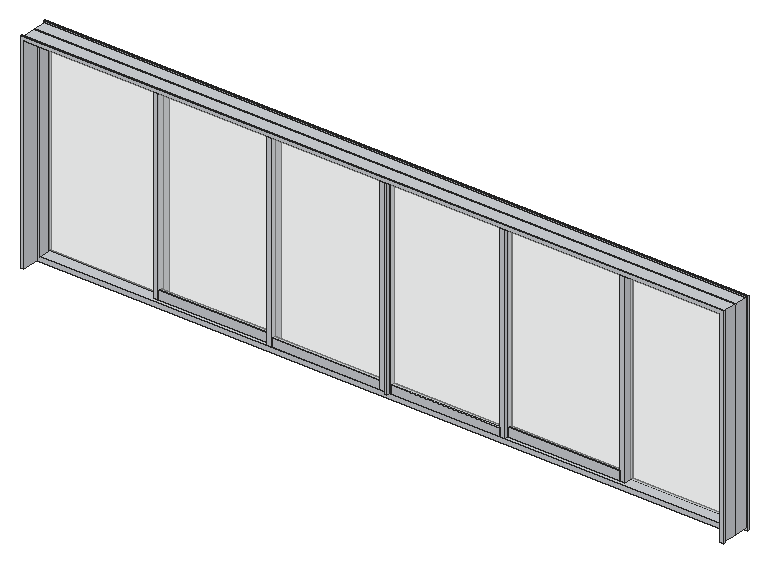
Revit family "APL Residential Thermal Heart Sliding Door FSSSSF", category Doors, host Wall, Revit 2017 (continued)
Definition of nested family "APL Residential Thermal Heart Sliding Door FSSSSF Horizontal Section"
  Definition of nested family "Glazing Bead"
    Lines and regions (mm)
      detail lines, in view "Ref. Level", not visible
        curve 27: arc (-0.25, -4.9, 0) -> (0, -5.15, 0) -> (-0.25, -5.4, 0) r 0.25
        curve 28: arc (-0.25, -8.45, 0) -> (0, -8.7, 0) -> (-0.25, -8.95, 0) r 0.25
        curve 29: arc (-0.25, -9.619, 0) -> (0, -9.869, 0) -> (-0.25, -10.119, 0) r 0.25
        curve 30: arc (-0.25, -10.787, 0) -> (0, -11.037, 0) -> (-0.25, -11.287, 0) r 0.25
        curve 31: line (-0.25, -12.456, 0) -> (-1, -12.456, 0)
        curve 32: line (-1, -12.456, 0) -> (-1, -8.45, 0)
        curve 33: line (-1, -8.45, 0) -> (-2.2, -8.45, 0)
        curve 34: line (-2.2, -8.45, 0) -> (-2.2, -9.2, 0)
        curve 35: line (-2.2, -9.2, 0) -> (-2.8, -9.2, 0)
        curve 36: line (-2.8, -9.2, 0) -> (-2.8, -6.1, 0)
        curve 37: line (-2.8, -6.1, 0) -> (-2.2, -6.1, 0)
        curve 38: line (-2.2, -6.1, 0) -> (-2.2, -6.85, 0)
        curve 39: line (-2.2, -6.85, 0) -> (-1, -6.85, 0)
        curve 40: line (-1, -6.85, 0) -> (-1, -4.9, 0)
        curve 41: line (-1, -4.9, 0) -> (-0.25, -4.9, 0)
        curve 42: line (-0.25, -5.4, 0) -> (-0.25, -8.45, 0)
        curve 43: line (-0.25, -8.95, 0) -> (-0.25, -9.619, 0)
        curve 44: line (-0.25, -10.119, 0) -> (-0.25, -10.787, 0)
        curve 45: line (-0.25, -11.287, 0) -> (-0.25, -11.956, 0)
        curve 46: arc (-0.25, -11.956, 0) -> (0, -12.206, 0) -> (-0.25, -12.456, 0) r 0.25
        curve 47: arc (62.983, -3.041, 0) -> (62.673, -2.901, 0) -> (62.511, -3.2, 0) r 0.25
        curve 48: arc (62.537, -13.088, 0) -> (62.7, -13.387, 0) -> (63.01, -13.247, 0) r 0.25
        curve 49: line (62.511, -3.2, 0) -> (63.505, -7.068, 0)
        curve 50: line (63.505, -7.068, 0) -> (62.502, -7.647, 0)
        curve 51: line (62.502, -7.647, 0) -> (62.502, -8.647, 0)
        curve 52: line (62.502, -8.647, 0) -> (63.527, -9.239, 0)
        curve 53: line (63.527, -9.239, 0) -> (62.537, -13.088, 0)
        curve 54: line (63.01, -13.247, 0) -> (64.734, -9.147, 0)
        curve 55: line (64.734, -9.147, 0) -> (66.002, -9.147, 0)
        curve 56: line (66.002, -9.147, 0) -> (66.002, -10.397, 0)
        curve 57: line (66.002, -10.397, 0) -> (67.002, -10.397, 0)
        curve 58: line (67.002, -10.397, 0) -> (67.002, -5.897, 0)
        curve 59: line (67.002, -5.897, 0) -> (66.002, -5.897, 0)
        curve 60: line (66.002, -5.897, 0) -> (66.002, -7.147, 0)
        curve 61: line (66.002, -7.147, 0) -> (64.71, -7.147, 0)
        curve 62: line (64.71, -7.147, 0) -> (62.983, -3.041, 0)
    Dimensions and locks
      "Glass Lenght": plane 1 "Center (Front/Back)" to plane 4
      aligned and locked: plane 4 to curve 2
      aligned and locked: plane 1 "Center (Front/Back)" to Filled region 1 sketch curve
      aligned and locked: Filled region 1 sketch curve to curve 6
      aligned and locked: Filled region 1 sketch curve to curve 1
      aligned and locked: Filled region 1 sketch curve to curve 5
    Automatic sketch dimensions
      plane 1 "Center (Front/Back)" to curve 2 = 0 mm
      curve 2 to plane 3 "Center (Left/Right)" = 0 mm
      curve 6 to plane 4 = 0 mm
      curve 5 to plane 4 = 0 mm
      curve 4 to plane 4 = 0 mm
      curve 5 to curve 3 = 4 mm
      plane 3 "Center (Left/Right)" to curve 1 = 4 mm
      curve 6 to curve 5 = 16 mm
      plane 1 "Center (Front/Back)" to curve 1 = 12 mm
    Nested families
      nested 1: "65015_Bead" at (-15.5, 6.328, 0), type "65015_Bead", in view "Ref. Level"
    Definition of nested family "65015_Bead"
      Reference planes
        plane 1 "Center (Front/Back)": y = 0
        plane 2: z = 0
        plane 3 "Center (Left/Right)": x = 0
      Lines and regions (mm)
        model lines, in view "Ref. Level"
          curve 1: arc (13.5, 12.78, 0) -> (13.558, 12.92, 0) -> (13.698, 12.978, 0) r 0.198
          curve 2: arc (14.302, 12.978, 0) -> (14.442, 12.918, 0) -> (14.5, 12.777, 0) r 0.201
          curve 3: arc (14.5, 10.175, 0) -> (14.442, 10.036, 0) -> (14.302, 9.978, 0) r 0.198
          curve 4: arc (13.698, 9.978, 0) -> (13.558, 10.036, 0) -> (13.5, 10.175, 0) r 0.198
          curve 5: arc (13.5, 11.027, 0) -> (13.442, 11.169, 0) -> (13.3, 11.228, 0) r 0.2
          curve 6: arc (12.7, 11.228, 0) -> (11.851, 11.579, 0) -> (11.5, 12.428, 0) r 1.2
          curve 7: arc (11.5, 13.628, 0) -> (11.377, 13.813, 0) -> (11.159, 13.769, 0) r 0.2
          curve 8: arc (1.546, 4.157, 0) -> (1.438, 3.995, 0) -> (1.4, 3.804, 0) r 0.5
          curve 9: arc (1.4, 1.817, 0) -> (1.467, 1.567, 0) -> (1.65, 1.384, 0) r 0.5
          curve 10: arc (10.675, -3.827, 0) -> (10.913, -4.714, 0) -> (10.025, -4.952, 0) r 0.65
          curve 11: arc (3.306, -1.073, 0) -> (2.928, -1.023, 0) -> (2.624, -1.254, 0) r 0.5
          curve 12: arc (2.587, -2.129, 0) -> (2.248, -2.45, 0) -> (1.791, -2.352, 0) r 0.5
          curve 13: arc (1.518, -2.123, 0) -> (1.466, -2.054, 0) -> (1.447, -1.97, 0) r 0.2
          curve 14: arc (1.447, -1.115, 0) -> (1.476, -1.011, 0) -> (1.555, -0.938, 0) r 0.2
          curve 15: arc (1.555, -0.938, 0) -> (1.717, -0.809, 0) -> (1.82, -0.63, 0) r 0.55
          curve 16: arc (1.82, -0.63, 0) -> (1.825, -0.452, 0) -> (1.729, -0.302, 0) r 0.3
          curve 17: arc (0.2, 0, 0) -> (0.059, 0.059, 0) -> (0, 0.2, 0) r 0.2
          curve 18: arc (0, 4.383, 0) -> (0.038, 4.575, 0) -> (0.146, 4.737, 0) r 0.5
          curve 19: arc (14.159, 18.749, 0) -> (14.377, 18.792, 0) -> (14.5, 18.608, 0) r 0.2
          curve 20: arc (14.5, 15.172, 0) -> (14.442, 15.034, 0) -> (14.303, 14.978, 0) r 0.194
          curve 21: arc (13.698, 14.978, 0) -> (13.559, 15.038, 0) -> (13.5, 15.177, 0) r 0.203
          curve 22: arc (13.5, 15.528, 0) -> (13.441, 15.669, 0) -> (13.3, 15.728, 0) r 0.201
          curve 23: arc (12.7, 15.728, 0) -> (12.559, 15.669, 0) -> (12.5, 15.528, 0) r 0.2
          curve 24: arc (12.5, 12.428, 0) -> (12.559, 12.286, 0) -> (12.7, 12.228, 0) r 0.2
          curve 25: line (13.5, 12.428, 0) -> (13.5, 12.78, 0)
          curve 26: line (13.698, 12.978, 0) -> (14.302, 12.978, 0)
          curve 27: line (14.5, 12.777, 0) -> (14.5, 10.175, 0)
          curve 28: line (14.302, 9.978, 0) -> (13.698, 9.978, 0)
          curve 29: line (13.5, 10.175, 0) -> (13.5, 11.027, 0)
          curve 30: line (13.3, 11.228, 0) -> (12.7, 11.228, 0)
          curve 31: line (11.5, 12.428, 0) -> (11.5, 13.628, 0)
          curve 32: line (11.159, 13.769, 0) -> (1.546, 4.157, 0)
          curve 33: line (1.4, 3.804, 0) -> (1.4, 1.817, 0)
          curve 34: line (1.65, 1.384, 0) -> (10.675, -3.827, 0)
          curve 35: line (10.025, -4.952, 0) -> (3.306, -1.073, 0)
          curve 36: line (2.597, -1.355, 0) -> (2.597, -2.065, 0)
          curve 37: line (1.791, -2.352, 0) -> (1.518, -2.123, 0)
          curve 38: line (1.518, -2.123, 0) -> (1.447, -1.115, 0)
          curve 39: line (1.729, -0.302, 0) -> (1.425, -0.047, 0)
          curve 40: line (1.425, -0.047, 0) -> (0.2, 0, 0)
          curve 41: line (0, 0.2, 0) -> (0, 4.383, 0)
          curve 42: line (0.146, 4.737, 0) -> (14.159, 18.749, 0)
          curve 43: line (14.5, 18.608, 0) -> (14.5, 15.172, 0)
          curve 44: line (14.303, 14.978, 0) -> (13.698, 14.978, 0)
          curve 45: line (13.5, 15.177, 0) -> (13.5, 15.528, 0)
          curve 46: line (13.3, 15.728, 0) -> (12.7, 15.728, 0)
          curve 47: line (12.5, 15.528, 0) -> (12.5, 12.428, 0)
          curve 48: line (12.7, 12.228, 0) -> (13.3, 12.228, 0)
          curve 49: arc (13.3, 12.228, 0) -> (13.441, 12.286, 0) -> (13.5, 12.428, 0) r 0.2
      Text (mm)
        text "65015" at (32.01, 10.207, 0), in view "Ref. Level"
  Definition of nested family "Heavy Duty Interlocker"
    Reference planes
      plane 1 "Center (Front/Back)": y = 0
      plane 2: z = 0
      plane 3 "Center (Left/Right)": x = 0
    Lines and regions (mm)
      detail lines, in view "Ref. Level", not visible
        curve 1: arc (33.161, -9.933, 0) -> (32.851, -9.793, 0) -> (32.689, -10.092, 0) r 0.25
        curve 2: arc (32.715, -19.98, 0) -> (32.877, -20.279, 0) -> (33.188, -20.139, 0) r 0.25
        curve 3: line (32.689, -10.092, 0) -> (33.683, -13.959, 0)
        curve 4: line (33.683, -13.959, 0) -> (32.679, -14.539, 0)
        curve 5: line (32.679, -14.539, 0) -> (32.679, -15.539, 0)
        curve 6: line (32.679, -15.539, 0) -> (33.705, -16.131, 0)
        curve 7: line (33.705, -16.131, 0) -> (32.715, -19.98, 0)
        curve 8: line (33.188, -20.139, 0) -> (34.912, -16.039, 0)
        curve 9: line (34.912, -16.039, 0) -> (36.179, -16.039, 0)
        curve 10: line (36.179, -16.039, 0) -> (36.179, -17.289, 0)
        curve 11: line (36.179, -17.289, 0) -> (37.179, -17.289, 0)
        curve 12: line (37.179, -17.289, 0) -> (37.179, -12.789, 0)
        curve 13: line (37.179, -12.789, 0) -> (36.179, -12.789, 0)
        curve 14: line (36.179, -12.789, 0) -> (36.179, -14.039, 0)
        curve 15: line (36.179, -14.039, 0) -> (34.887, -14.039, 0)
        curve 16: line (34.887, -14.039, 0) -> (33.161, -9.933, 0)
        curve 33: arc (33.161, -9.933, 0) -> (32.851, -9.793, 0) -> (32.689, -10.092, 0) r 0.25
        curve 34: arc (32.715, -19.98, 0) -> (32.877, -20.279, 0) -> (33.188, -20.139, 0) r 0.25
        curve 35: line (32.689, -10.092, 0) -> (33.683, -13.959, 0)
        curve 36: line (33.683, -13.959, 0) -> (32.679, -14.539, 0)
        curve 37: line (32.679, -14.539, 0) -> (32.679, -15.539, 0)
        curve 38: line (32.679, -15.539, 0) -> (33.705, -16.131, 0)
        curve 39: line (33.705, -16.131, 0) -> (32.715, -19.98, 0)
        curve 40: line (33.188, -20.139, 0) -> (34.912, -16.039, 0)
        curve 41: line (34.912, -16.039, 0) -> (36.179, -16.039, 0)
        curve 42: line (36.179, -16.039, 0) -> (36.179, -17.289, 0)
        curve 43: line (36.179, -17.289, 0) -> (37.179, -17.289, 0)
        curve 44: line (37.179, -17.289, 0) -> (37.179, -12.789, 0)
        curve 45: line (37.179, -12.789, 0) -> (36.179, -12.789, 0)
        curve 46: line (36.179, -12.789, 0) -> (36.179, -14.039, 0)
        curve 47: line (36.179, -14.039, 0) -> (34.887, -14.039, 0)
        curve 48: line (34.887, -14.039, 0) -> (33.161, -9.933, 0)
      detail lines, in view "Ref. Level"
        curve 17: arc (-27.911, -29.665, 0) -> (-28.051, -29.975, 0) -> (-27.752, -30.138, 0) r 0.25
        curve 18: arc (-17.864, -30.111, 0) -> (-17.565, -29.949, 0) -> (-17.705, -29.639, 0) r 0.25
        curve 19: line (-27.752, -30.138, 0) -> (-23.885, -29.144, 0)
        curve 20: line (-23.885, -29.144, 0) -> (-23.305, -30.147, 0)
        curve 21: line (-23.305, -30.147, 0) -> (-22.305, -30.147, 0)
        curve 22: line (-22.305, -30.147, 0) -> (-21.714, -29.122, 0)
        curve 23: line (-21.714, -29.122, 0) -> (-17.864, -30.111, 0)
        curve 24: line (-17.705, -29.639, 0) -> (-21.805, -27.915, 0)
        curve 25: line (-21.805, -27.915, 0) -> (-21.805, -26.647, 0)
        curve 26: line (-21.805, -26.647, 0) -> (-20.555, -26.647, 0)
        curve 27: line (-20.555, -26.647, 0) -> (-20.555, -25.647, 0)
        curve 28: line (-20.555, -25.647, 0) -> (-25.055, -25.647, 0)
        curve 29: line (-25.055, -25.647, 0) -> (-25.055, -26.647, 0)
        curve 30: line (-25.055, -26.647, 0) -> (-23.805, -26.647, 0)
        curve 31: line (-23.805, -26.647, 0) -> (-23.805, -27.939, 0)
        curve 32: line (-23.805, -27.939, 0) -> (-27.911, -29.665, 0)
    Nested families
      nested 1: "65500_Interlocker Stile" at (-26.59, -6.05, 0) x (-1, 0, 0) z (0, 0, 1), type "65500_Interlocker Stile", in view "Ref. Level"
      nested 2: "65430_Interlocker Mullion" at (25.41, 0.05, 0), type "65430_Interlocker Mullion", in view "Ref. Level"
    Definition of nested family "65500_Interlocker Stile"
      Reference planes
        plane 1 "Center (Front/Back)": y = 0
        plane 2: z = 0
        plane 3 "Center (Left/Right)": x = 0
      Lines and regions (mm)
        model lines, in view "Ref. Level"
          curve 1: arc (-13.564, 1.218, 0) -> (-13.278, 1.262, 0) -> (-13.162, 1.526, 0) r 0.3
          curve 2: arc (-13.369, 3.892, 0) -> (-13.396, 3.992, 0) -> (-13.456, 4.078, 0) r 0.3
          curve 3: arc (-13.819, 4.441, 0) -> (-14.013, 4.493, 0) -> (-14.154, 4.352, 0) r 0.2
          curve 4: arc (-14.199, 4.184, 0) -> (-14.251, 4.095, 0) -> (-14.34, 4.043, 0) r 0.2
          curve 5: arc (-16.561, 3.5, 0) -> (-16.841, 3.693, 0) -> (-16.761, 4.024, 0) r 0.3
          curve 6: arc (-16.761, 4.024, 0) -> (-16.687, 4.125, 0) -> (-16.661, 4.247, 0) r 0.3
          curve 7: arc (-16.855, 8.25, 0) -> (-16.819, 8.422, 0) -> (-16.661, 8.5, 0) r 0.2
          curve 8: arc (-16.14, 8.5, 0) -> (-16.059, 8.489, 0) -> (-15.983, 8.456, 0) r 0.3
          curve 9: arc (-14.73, 7.691, 0) -> (-14.733, 7.521, 0) -> (-14.627, 7.389, 0) r 0.25
          curve 10: arc (-14.541, 7.337, 0) -> (-14.289, 7.332, 0) -> (-14.161, 7.549, 0) r 0.25
          curve 11: arc (-14.161, 7.8, 0) -> (-14.102, 7.941, 0) -> (-13.961, 8, 0) r 0.2
          curve 12: arc (-13.688, 8, 0) -> (-13.573, 8.036, 0) -> (-13.5, 8.132, 0) r 0.2
          curve 13: arc (-13.266, 8.775, 0) -> (-13.244, 8.859, 0) -> (-13.236, 8.946, 0) r 0.5
          curve 14: arc (-13.236, 9.9, 0) -> (-13.382, 10.254, 0) -> (-13.736, 10.4, 0) r 0.5
          curve 15: arc (-24.052, 10.4, 0) -> (-24.41, 10.544, 0) -> (-24.559, 10.9, 0) r 0.5
          curve 16: arc (-24.559, 14.446, 0) -> (-24.704, 14.802, 0) -> (-25.059, 14.95, 0) r 0.5
          curve 17: arc (-27.408, 14.95, 0) -> (-27.627, 14.823, 0) -> (-27.622, 14.57, 0) r 0.25
          curve 18: arc (-27.57, 14.484, 0) -> (-27.437, 14.378, 0) -> (-27.268, 14.381, 0) r 0.25
          curve 19: arc (-26.503, 13.127, 0) -> (-26.47, 13.052, 0) -> (-26.459, 12.971, 0) r 0.3
          curve 20: arc (-26.459, 12.45, 0) -> (-26.536, 12.292, 0) -> (-26.709, 12.256, 0) r 0.2
          curve 21: arc (-30.711, 12.45, 0) -> (-30.834, 12.424, 0) -> (-30.935, 12.35, 0) r 0.3
          curve 22: arc (-30.935, 12.35, 0) -> (-31.266, 12.27, 0) -> (-31.459, 12.55, 0) r 0.3
          curve 23: arc (-30.916, 14.771, 0) -> (-30.864, 14.86, 0) -> (-30.774, 14.912, 0) r 0.2
          curve 24: arc (-30.607, 14.957, 0) -> (-30.465, 15.098, 0) -> (-30.517, 15.291, 0) r 0.2
          curve 25: arc (-30.881, 15.655, 0) -> (-30.966, 15.715, 0) -> (-31.067, 15.742, 0) r 0.3
          curve 26: arc (-33.432, 15.949, 0) -> (-33.697, 15.833, 0) -> (-33.741, 15.547, 0) r 0.3
          curve 27: arc (-33.227, 14.137, 0) -> (-33.14, 14.011, 0) -> (-33.002, 13.945, 0) r 0.3
          curve 28: arc (-33.002, 13.945, 0) -> (-32.759, 13.672, 0) -> (-32.959, 13.367, 0) r 0.3
          curve 29: arc (-32.959, 12.624, 0) -> (-33.017, 12.482, 0) -> (-33.159, 12.424, 0) r 0.2
          curve 30: arc (-35.159, 12.424, 0) -> (-35.512, 12.277, 0) -> (-35.659, 11.924, 0) r 0.5
          curve 31: arc (-35.659, 10.05, 0) -> (-35.717, 9.908, 0) -> (-35.859, 9.85, 0) r 0.2
          curve 32: arc (-45.581, 9.85, 0) -> (-45.935, 9.996, 0) -> (-46.081, 10.349, 0) r 0.499
          curve 33: arc (-46.081, 10.75, 0) -> (-45.935, 11.104, 0) -> (-45.581, 11.25, 0) r 0.5
          curve 34: arc (-44.831, 11.25, 0) -> (-44.69, 11.309, 0) -> (-44.631, 11.45, 0) r 0.2
          curve 35: arc (-44.631, 12.05, 0) -> (-44.69, 12.191, 0) -> (-44.831, 12.25, 0) r 0.2
          curve 36: arc (-47.931, 12.25, 0) -> (-48.072, 12.191, 0) -> (-48.131, 12.05, 0) r 0.2
          curve 37: arc (-48.131, 11.45, 0) -> (-48.072, 11.309, 0) -> (-47.931, 11.25, 0) r 0.2
          curve 38: arc (-47.581, 11.25, 0) -> (-47.44, 11.191, 0) -> (-47.381, 11.05, 0) r 0.2
          curve 39: arc (-47.381, 10.45, 0) -> (-47.44, 10.309, 0) -> (-47.581, 10.25, 0) r 0.2
          curve 40: arc (-47.931, 10.25, 0) -> (-48.072, 10.191, 0) -> (-48.131, 10.05, 0) r 0.2
          curve 41: arc (-48.131, 9.749, 0) -> (-48.277, 9.395, 0) -> (-48.631, 9.249, 0) r 0.5
          curve 42: arc (-49.631, 9.249, 0) -> (-49.985, 9.395, 0) -> (-50.131, 9.749, 0) r 0.5
          curve 43: arc (-50.131, 10.05, 0) -> (-50.19, 10.191, 0) -> (-50.331, 10.25, 0) r 0.2
          curve 44: arc (-50.681, 10.25, 0) -> (-50.822, 10.309, 0) -> (-50.881, 10.45, 0) r 0.2
          curve 45: arc (-50.881, 11.05, 0) -> (-50.822, 11.191, 0) -> (-50.681, 11.25, 0) r 0.2
          curve 46: arc (-50.331, 11.25, 0) -> (-50.19, 11.309, 0) -> (-50.131, 11.45, 0) r 0.2
          curve 47: arc (-50.131, 12.05, 0) -> (-50.19, 12.191, 0) -> (-50.331, 12.25, 0) r 0.2
          curve 48: arc (-51.761, 12.25, 0) -> (-51.902, 12.191, 0) -> (-51.961, 12.05, 0) r 0.2
          curve 49: arc (-52.336, 8.799, 0) -> (-52.711, 8.424, 0) -> (-52.336, 8.049, 0) r 0.375
          curve 50: arc (-33.059, 8.05, 0) -> (-32.559, 8.55, 0) -> (-33.059, 9.05, 0) r 0.5
          curve 51: arc (-33.959, 9.05, 0) -> (-34.1, 9.109, 0) -> (-34.159, 9.25, 0) r 0.2
          curve 52: arc (-34.159, 10.35, 0) -> (-34.1, 10.491, 0) -> (-33.959, 10.55, 0) r 0.2
          curve 53: arc (-26.659, 10.55, 0) -> (-26.517, 10.491, 0) -> (-26.459, 10.35, 0) r 0.2
          curve 54: arc (-26.459, 9.25, 0) -> (-26.517, 9.109, 0) -> (-26.659, 9.05, 0) r 0.2
          curve 55: arc (-27.559, 9.05, 0) -> (-28.059, 8.55, 0) -> (-27.559, 8.05, 0) r 0.5
          curve 56: arc (-19.061, 8.05, 0) -> (-18.707, 7.904, 0) -> (-18.561, 7.55, 0) r 0.5
          curve 57: arc (-18.561, 2.6, 0) -> (-18.854, 1.893, 0) -> (-19.561, 1.6, 0) r 1
          curve 58: arc (-28.809, 1.6, 0) -> (-29.609, 0.8, 0) -> (-28.809, 0, 0) r 0.8
          curve 59: arc (-17.661, 0, 0) -> (-16.954, 0.293, 0) -> (-16.661, 1, 0) r 1
          curve 60: arc (-16.661, 1.8, 0) -> (-16.602, 1.941, 0) -> (-16.461, 2, 0) r 0.2
          curve 61: arc (-15.744, 2, 0) -> (-15.438, 2.199, 0) -> (-15.166, 1.957, 0) r 0.3
          curve 62: arc (-15.166, 1.957, 0) -> (-15.1, 1.819, 0) -> (-14.974, 1.732, 0) r 0.3
          curve 63: line (-13.162, 1.526, 0) -> (-13.369, 3.892, 0)
          curve 64: line (-13.456, 4.078, 0) -> (-13.819, 4.441, 0)
          curve 65: line (-14.154, 4.352, 0) -> (-14.199, 4.184, 0)
          curve 66: line (-14.199, 4.184, 0) -> (-16.329, 3.51, 0)
          curve 67: line (-16.329, 3.51, 0) -> (-16.561, 3.5, 0)
          curve 68: line (-16.661, 4.247, 0) -> (-16.661, 7.475, 0)
          curve 69: line (-16.661, 7.475, 0) -> (-16.855, 8.25, 0)
          curve 70: line (-16.661, 8.5, 0) -> (-16.14, 8.5, 0)
          curve 71: line (-16.14, 8.5, 0) -> (-14.73, 7.691, 0)
          curve 72: line (-14.161, 7.549, 0) -> (-14.161, 7.8, 0)
          curve 73: line (-13.961, 8, 0) -> (-13.688, 8, 0)
          curve 74: line (-13.5, 8.132, 0) -> (-13.266, 8.775, 0)
          curve 75: line (-13.236, 8.946, 0) -> (-13.236, 9.9, 0)
          curve 76: line (-13.736, 10.4, 0) -> (-24.052, 10.4, 0)
          curve 77: line (-24.559, 10.9, 0) -> (-24.559, 14.446, 0)
          curve 78: line (-25.059, 14.95, 0) -> (-27.408, 14.95, 0)
          curve 79: line (-27.268, 14.381, 0) -> (-26.503, 13.127, 0)
          curve 80: line (-26.503, 13.127, 0) -> (-26.459, 12.45, 0)
          curve 81: line (-26.709, 12.256, 0) -> (-27.459, 12.45, 0)
          curve 82: line (-27.434, 12.444, 0) -> (-30.711, 12.45, 0)
          curve 83: line (-31.459, 12.704, 0) -> (-30.916, 14.771, 0)
          curve 84: line (-30.916, 14.771, 0) -> (-30.607, 14.957, 0)
          curve 85: line (-30.517, 15.291, 0) -> (-30.881, 15.655, 0)
          curve 86: line (-31.067, 15.742, 0) -> (-33.432, 15.949, 0)
          curve 87: line (-33.741, 15.547, 0) -> (-33.227, 14.137, 0)
          curve 88: line (-32.959, 13.367, 0) -> (-32.959, 12.624, 0)
          curve 89: line (-33.159, 12.424, 0) -> (-35.159, 12.424, 0)
          curve 90: line (-35.659, 11.924, 0) -> (-35.659, 10.05, 0)
          curve 91: line (-35.859, 9.85, 0) -> (-45.581, 9.85, 0)
          curve 92: line (-46.081, 10.349, 0) -> (-46.081, 10.75, 0)
          curve 93: line (-45.581, 11.25, 0) -> (-44.831, 11.25, 0)
          curve 94: line (-44.631, 11.45, 0) -> (-44.631, 12.05, 0)
          curve 95: line (-44.831, 12.25, 0) -> (-47.931, 12.25, 0)
          curve 96: line (-48.131, 12.05, 0) -> (-48.131, 11.45, 0)
          curve 97: line (-47.931, 11.25, 0) -> (-47.581, 11.25, 0)
          curve 98: line (-47.381, 11.05, 0) -> (-47.381, 10.45, 0)
          curve 99: line (-47.581, 10.25, 0) -> (-47.931, 10.25, 0)
          curve 100: line (-48.131, 10.05, 0) -> (-48.131, 9.749, 0)
          curve 101: line (-48.631, 9.249, 0) -> (-49.631, 9.249, 0)
          curve 102: line (-50.131, 9.749, 0) -> (-50.131, 10.05, 0)
          curve 103: line (-50.331, 10.25, 0) -> (-50.681, 10.25, 0)
          curve 104: line (-50.881, 10.45, 0) -> (-50.881, 11.05, 0)
          curve 105: line (-50.681, 11.25, 0) -> (-50.331, 11.25, 0)
          curve 106: line (-50.131, 11.45, 0) -> (-50.131, 12.05, 0)
          curve 107: line (-50.331, 12.25, 0) -> (-51.761, 12.25, 0)
          curve 108: line (-51.961, 12.05, 0) -> (-51.961, 8.799, 0)
          curve 109: line (-51.961, 8.799, 0) -> (-52.336, 8.799, 0)
          curve 110: line (-52.336, 8.049, 0) -> (-33.059, 8.049, 0)
          curve 111: line (-33.059, 9.05, 0) -> (-33.959, 9.05, 0)
          curve 112: line (-34.159, 9.25, 0) -> (-34.159, 10.35, 0)
          curve 113: line (-33.959, 10.55, 0) -> (-26.659, 10.55, 0)
          curve 114: line (-26.459, 10.35, 0) -> (-26.459, 9.25, 0)
          curve 115: line (-26.659, 9.05, 0) -> (-27.559, 9.05, 0)
          curve 116: line (-27.559, 8.05, 0) -> (-19.061, 8.05, 0)
          curve 117: line (-18.561, 7.55, 0) -> (-18.561, 2.6, 0)
          curve 118: line (-19.561, 1.6, 0) -> (-28.809, 1.6, 0)
          curve 119: line (-28.809, 0, 0) -> (-17.661, 0, 0)
          curve 120: line (-16.661, 1, 0) -> (-16.661, 1.8, 0)
          curve 121: line (-16.461, 2, 0) -> (-15.744, 2, 0)
          curve 122: line (-14.974, 1.732, 0) -> (-13.564, 1.218, 0)
          curve 123: arc (-31.398, 41.7, 0) -> (-31.251, 42.054, 0) -> (-30.898, 42.2, 0) r 0.5
          curve 124: arc (-2.1, 42.2, 0) -> (-1.746, 42.054, 0) -> (-1.6, 41.7, 0) r 0.5
          curve 125: arc (-1.6, 10.9, 0) -> (-1.746, 10.546, 0) -> (-2.1, 10.4, 0) r 0.5
          curve 126: arc (-4.86, 10.4, 0) -> (-5.213, 10.254, 0) -> (-5.36, 9.9, 0) r 0.5
          curve 127: arc (-5.36, 9.042, 0) -> (-5.352, 8.955, 0) -> (-5.33, 8.871, 0) r 0.5
          curve 128: arc (-5.061, 8.132, 0) -> (-4.987, 8.036, 0) -> (-4.873, 8, 0) r 0.2
          curve 129: arc (-4.6, 8, 0) -> (-4.459, 7.941, 0) -> (-4.4, 7.8, 0) r 0.2
          curve 130: arc (-4.4, 7.55, 0) -> (-4.272, 7.332, 0) -> (-4.02, 7.337, 0) r 0.25
          curve 131: arc (-3.934, 7.389, 0) -> (-3.828, 7.521, 0) -> (-3.831, 7.691, 0) r 0.25
          curve 132: arc (-2.577, 8.456, 0) -> (-2.502, 8.489, 0) -> (-2.421, 8.5, 0) r 0.3
          curve 133: arc (-1.9, 8.5, 0) -> (-1.742, 8.422, 0) -> (-1.706, 8.25, 0) r 0.2
          curve 134: arc (-1.9, 4.247, 0) -> (-1.874, 4.125, 0) -> (-1.8, 4.024, 0) r 0.3
          curve 135: arc (-1.8, 4.024, 0) -> (-1.72, 3.693, 0) -> (-2, 3.5, 0) r 0.3
          curve 136: arc (-4.221, 4.043, 0) -> (-4.31, 4.095, 0) -> (-4.362, 4.184, 0) r 0.2
          curve 137: arc (-4.407, 4.352, 0) -> (-4.548, 4.493, 0) -> (-4.741, 4.441, 0) r 0.2
          curve 138: arc (-5.105, 4.078, 0) -> (-5.165, 3.992, 0) -> (-5.192, 3.892, 0) r 0.3
          curve 139: arc (-5.399, 1.526, 0) -> (-5.283, 1.262, 0) -> (-4.997, 1.218, 0) r 0.3
          curve 140: arc (-3.587, 1.732, 0) -> (-3.461, 1.819, 0) -> (-3.395, 1.957, 0) r 0.3
          curve 141: arc (-3.395, 1.957, 0) -> (-3.122, 2.199, 0) -> (-2.817, 2, 0) r 0.3
          curve 142: arc (-2.1, 2, 0) -> (-1.959, 1.941, 0) -> (-1.9, 1.8, 0) r 0.2
          curve 143: arc (-1.9, 1, 0) -> (-1.607, 0.293, 0) -> (-0.9, 0, 0) r 1
          curve 144: arc (-0.5, 0, 0) -> (-0.146, 0.146, 0) -> (0, 0.5, 0) r 0.5
          curve 145: arc (0, 43, 0) -> (-0.293, 43.707, 0) -> (-1, 44, 0) r 1
          curve 146: arc (-52.375, 44, 0) -> (-52.75, 43.625, 0) -> (-52.375, 43.25, 0) r 0.375
          curve 147: arc (-52, 42.15, 0) -> (-51.941, 42.009, 0) -> (-51.8, 41.95, 0) r 0.2
          curve 148: arc (-50.962, 40.688, 0) -> (-50.917, 40.558, 0) -> (-50.797, 40.488, 0) r 0.2
          curve 149: arc (-48.613, 40.25, 0) -> (-48.454, 40.328, 0) -> (-48.42, 40.502, 0) r 0.2
          curve 150: arc (-48.808, 41.948, 0) -> (-48.773, 42.122, 0) -> (-48.615, 42.2, 0) r 0.2
          curve 151: arc (-33.498, 42.2, 0) -> (-33.144, 42.054, 0) -> (-32.998, 41.7, 0) r 0.5
          curve 152: arc (-32.998, 35.05, 0) -> (-32.939, 34.909, 0) -> (-32.798, 34.85, 0) r 0.2
          curve 153: arc (-26.398, 34.85, 0) -> (-26.256, 34.792, 0) -> (-26.198, 34.65, 0) r 0.2
          curve 154: arc (-26.198, 29.353, 0) -> (-26.255, 29.21, 0) -> (-26.398, 29.15, 0) r 0.2
          curve 155: arc (-32.798, 29.15, 0) -> (-32.939, 29.091, 0) -> (-32.998, 28.95, 0) r 0.2
          curve 156: arc (-32.998, 26.333, 0) -> (-32.799, 26.028, 0) -> (-33.041, 25.755, 0) r 0.3
          curve 157: arc (-33.041, 25.755, 0) -> (-33.179, 25.689, 0) -> (-33.266, 25.563, 0) r 0.3
          curve 158: arc (-33.78, 24.153, 0) -> (-33.736, 23.867, 0) -> (-33.472, 23.751, 0) r 0.3
          curve 159: arc (-31.106, 23.958, 0) -> (-31.005, 23.985, 0) -> (-30.92, 24.045, 0) r 0.3
          curve 160: arc (-30.556, 24.409, 0) -> (-30.505, 24.602, 0) -> (-30.646, 24.743, 0) r 0.2
          curve 161: arc (-30.813, 24.788, 0) -> (-30.903, 24.84, 0) -> (-30.955, 24.929, 0) r 0.2
          curve 162: arc (-31.498, 27.15, 0) -> (-31.305, 27.43, 0) -> (-30.974, 27.35, 0) r 0.3
          curve 163: arc (-30.974, 27.35, 0) -> (-30.873, 27.276, 0) -> (-30.75, 27.25, 0) r 0.3
          curve 164: arc (-26.748, 27.444, 0) -> (-26.575, 27.408, 0) -> (-26.498, 27.25, 0) r 0.2
          curve 165: arc (-26.498, 26.729, 0) -> (-26.509, 26.648, 0) -> (-26.542, 26.573, 0) r 0.3
          curve 166: arc (-27.307, 25.319, 0) -> (-27.477, 25.322, 0) -> (-27.609, 25.216, 0) r 0.25
          curve 167: arc (-27.661, 25.13, 0) -> (-27.666, 24.878, 0) -> (-27.448, 24.75, 0) r 0.25
          curve 168: arc (-25.098, 24.75, 0) -> (-24.744, 24.896, 0) -> (-24.598, 25.25, 0) r 0.5
          curve 169: arc (-24.598, 36.25, 0) -> (-24.656, 36.391, 0) -> (-24.798, 36.45, 0) r 0.2
          curve 170: line (-31.398, 36.65, 0) -> (-31.398, 41.7, 0)
          curve 171: line (-30.898, 42.2, 0) -> (-2.1, 42.2, 0)
          curve 172: line (-1.6, 41.7, 0) -> (-1.6, 10.9, 0)
          curve 173: line (-2.1, 10.4, 0) -> (-4.86, 10.4, 0)
          curve 174: line (-5.36, 9.9, 0) -> (-5.36, 9.042, 0)
          curve 175: line (-5.33, 8.871, 0) -> (-5.061, 8.132, 0)
          curve 176: line (-4.873, 8, 0) -> (-4.6, 8, 0)
          curve 177: line (-4.4, 7.8, 0) -> (-4.4, 7.55, 0)
          curve 178: line (-3.831, 7.691, 0) -> (-2.577, 8.456, 0)
          curve 179: line (-2.577, 8.456, 0) -> (-1.9, 8.5, 0)
          curve 180: line (-1.706, 8.25, 0) -> (-1.894, 7.525, 0)
          curve 181: line (-1.894, 7.525, 0) -> (-1.9, 4.247, 0)
          curve 182: line (-2.154, 3.5, 0) -> (-4.221, 4.043, 0)
          curve 183: line (-4.221, 4.043, 0) -> (-4.407, 4.352, 0)
          curve 184: line (-4.741, 4.441, 0) -> (-5.105, 4.078, 0)
          curve 185: line (-5.192, 3.892, 0) -> (-5.399, 1.526, 0)
          curve 186: line (-4.997, 1.218, 0) -> (-3.587, 1.732, 0)
          curve 187: line (-2.817, 2, 0) -> (-2.1, 2, 0)
          curve 188: line (-1.9, 1.8, 0) -> (-1.9, 1, 0)
          curve 189: line (-0.9, 0, 0) -> (-0.5, 0, 0)
          curve 190: line (0, 0.5, 0) -> (0, 43, 0)
          curve 191: line (-1, 44, 0) -> (-52.375, 44, 0)
          curve 192: line (-52.375, 43.25, 0) -> (-52, 43.25, 0)
          curve 193: line (-52, 43.25, 0) -> (-52, 42.15, 0)
          curve 194: line (-51.8, 41.95, 0) -> (-50.962, 41.95, 0)
          curve 195: line (-50.962, 41.95, 0) -> (-50.962, 40.688, 0)
          curve 196: line (-50.797, 40.488, 0) -> (-49.444, 40.25, 0)
          curve 197: line (-49.444, 40.25, 0) -> (-48.613, 40.25, 0)
          curve 198: line (-48.42, 40.502, 0) -> (-48.808, 41.948, 0)
          curve 199: line (-48.615, 42.2, 0) -> (-33.498, 42.2, 0)
          curve 200: line (-32.998, 41.7, 0) -> (-32.998, 35.05, 0)
          curve 201: line (-32.798, 34.85, 0) -> (-26.398, 34.85, 0)
          curve 202: line (-26.198, 34.65, 0) -> (-26.198, 29.353, 0)
          curve 203: line (-26.398, 29.15, 0) -> (-32.798, 29.15, 0)
          curve 204: line (-32.998, 28.95, 0) -> (-32.998, 26.333, 0)
          curve 205: line (-33.266, 25.563, 0) -> (-33.78, 24.153, 0)
          curve 206: line (-33.472, 23.751, 0) -> (-31.106, 23.958, 0)
          curve 207: line (-30.92, 24.045, 0) -> (-30.556, 24.409, 0)
          curve 208: line (-30.646, 24.743, 0) -> (-30.813, 24.788, 0)
          curve 209: line (-30.813, 24.788, 0) -> (-31.487, 26.918, 0)
          curve 210: line (-31.487, 26.918, 0) -> (-31.498, 27.15, 0)
          curve 211: line (-30.75, 27.25, 0) -> (-27.523, 27.25, 0)
          curve 212: line (-27.523, 27.25, 0) -> (-26.748, 27.444, 0)
          curve 213: line (-26.498, 27.25, 0) -> (-26.498, 26.729, 0)
          curve 214: line (-26.498, 26.729, 0) -> (-27.307, 25.319, 0)
          curve 215: line (-27.448, 24.75, 0) -> (-25.098, 24.75, 0)
          curve 216: line (-24.598, 25.25, 0) -> (-24.598, 36.25, 0)
          curve 217: line (-24.798, 36.45, 0) -> (-31.197, 36.45, 0)
          curve 218: arc (-31.197, 36.45, 0) -> (-31.339, 36.508, 0) -> (-31.398, 36.65, 0) r 0.2
          curve 219: arc (-27.398, 12.45, 0) -> (-27.115, 12.567, 0) -> (-26.998, 12.85, 0) r 0.4
          curve 220: arc (-26.998, 13.143, 0) -> (-27.011, 13.246, 0) -> (-27.052, 13.343, 0) r 0.4
          curve 221: arc (-27.936, 14.871, 0) -> (-28.057, 15.161, 0) -> (-28.098, 15.472, 0) r 1.2
          curve 222: arc (-28.098, 16.395, 0) -> (-28.279, 16.968, 0) -> (-28.756, 17.334, 0) r 1
          curve 223: arc (-30.935, 18.127, 0) -> (-31.125, 18.274, 0) -> (-31.198, 18.503, 0) r 0.4
          curve 224: arc (-31.198, 21.197, 0) -> (-31.125, 21.426, 0) -> (-30.935, 21.573, 0) r 0.4
          curve 225: arc (-28.756, 22.366, 0) -> (-28.279, 22.732, 0) -> (-28.098, 23.305, 0) r 1
          curve 226: arc (-28.098, 24.228, 0) -> (-28.057, 24.539, 0) -> (-27.936, 24.829, 0) r 1.2
          curve 227: arc (-27.052, 26.357, 0) -> (-27.011, 26.454, 0) -> (-26.998, 26.557, 0) r 0.4
          curve 228: arc (-26.998, 26.85, 0) -> (-27.115, 27.133, 0) -> (-27.398, 27.25, 0) r 0.4
          curve 229: arc (-30.798, 27.25, 0) -> (-31.081, 27.133, 0) -> (-31.198, 26.85, 0) r 0.4
          curve 230: arc (-31.198, 26.557, 0) -> (-31.184, 26.454, 0) -> (-31.144, 26.357, 0) r 0.4
          curve 231: arc (-30.259, 24.829, 0) -> (-30.138, 24.535, 0) -> (-30.098, 24.22, 0) r 1.2
          curve 232: arc (-30.098, 24.22, 0) -> (-30.151, 24.045, 0) -> (-30.295, 23.934, 0) r 0.3
          curve 233: arc (-32.735, 23.046, 0) -> (-32.925, 22.899, 0) -> (-32.998, 22.67, 0) r 0.4
          curve 234: arc (-32.998, 17.03, 0) -> (-32.925, 16.801, 0) -> (-32.735, 16.654, 0) r 0.4
          curve 235: arc (-30.295, 15.766, 0) -> (-30.151, 15.655, 0) -> (-30.098, 15.48, 0) r 0.3
          curve 236: arc (-30.098, 15.48, 0) -> (-30.138, 15.165, 0) -> (-30.259, 14.871, 0) r 1.2
          curve 237: arc (-31.144, 13.343, 0) -> (-31.184, 13.246, 0) -> (-31.198, 13.143, 0) r 0.4
          curve 238: arc (-31.198, 12.85, 0) -> (-31.081, 12.567, 0) -> (-30.798, 12.45, 0) r 0.4
          curve 239: line (-26.998, 12.85, 0) -> (-26.998, 13.143, 0)
          curve 240: line (-27.052, 13.343, 0) -> (-27.936, 14.871, 0)
          curve 241: line (-28.098, 15.472, 0) -> (-28.098, 16.395, 0)
          curve 242: line (-28.756, 17.334, 0) -> (-30.935, 18.127, 0)
          curve 243: line (-31.198, 18.503, 0) -> (-31.198, 21.197, 0)
          curve 244: line (-30.935, 21.573, 0) -> (-28.756, 22.366, 0)
          curve 245: line (-28.098, 23.305, 0) -> (-28.098, 24.228, 0)
          curve 246: line (-27.936, 24.829, 0) -> (-27.052, 26.357, 0)
          curve 247: line (-26.998, 26.557, 0) -> (-26.998, 26.85, 0)
          curve 248: line (-27.398, 27.25, 0) -> (-30.798, 27.25, 0)
          curve 249: line (-31.198, 26.85, 0) -> (-31.198, 26.557, 0)
          curve 250: line (-31.144, 26.357, 0) -> (-30.259, 24.829, 0)
          curve 251: line (-30.295, 23.934, 0) -> (-32.735, 23.046, 0)
          curve 252: line (-32.998, 22.67, 0) -> (-32.998, 17.03, 0)
          curve 253: line (-32.735, 16.654, 0) -> (-30.295, 15.766, 0)
          curve 254: line (-30.259, 14.871, 0) -> (-31.144, 13.343, 0)
          curve 255: line (-31.198, 13.143, 0) -> (-31.198, 12.85, 0)
          curve 256: line (-30.798, 12.45, 0) -> (-27.398, 12.45, 0)
          curve 257: arc (-16.7, 4.122, 0) -> (-16.583, 3.839, 0) -> (-16.3, 3.722, 0) r 0.4
          curve 258: arc (-16.007, 3.722, 0) -> (-15.904, 3.736, 0) -> (-15.807, 3.776, 0) r 0.4
          curve 259: arc (-14.279, 4.66, 0) -> (-13.989, 4.781, 0) -> (-13.678, 4.822, 0) r 1.2
          curve 260: arc (-12.755, 4.822, 0) -> (-12.182, 5.003, 0) -> (-11.816, 5.48, 0) r 1
          curve 261: arc (-11.023, 7.659, 0) -> (-10.876, 7.849, 0) -> (-10.647, 7.922, 0) r 0.4
          curve 262: arc (-7.953, 7.922, 0) -> (-7.724, 7.849, 0) -> (-7.577, 7.659, 0) r 0.4
          curve 263: arc (-6.784, 5.48, 0) -> (-6.418, 5.003, 0) -> (-5.845, 4.822, 0) r 1
          curve 264: arc (-4.922, 4.822, 0) -> (-4.611, 4.781, 0) -> (-4.321, 4.66, 0) r 1.2
          curve 265: arc (-2.793, 3.776, 0) -> (-2.696, 3.736, 0) -> (-2.593, 3.722, 0) r 0.4
          curve 266: arc (-2.3, 3.722, 0) -> (-2.017, 3.839, 0) -> (-1.9, 4.122, 0) r 0.4
          curve 267: arc (-1.9, 7.522, 0) -> (-2.017, 7.805, 0) -> (-2.3, 7.922, 0) r 0.4
          curve 268: arc (-2.593, 7.922, 0) -> (-2.696, 7.908, 0) -> (-2.793, 7.868, 0) r 0.4
          curve 269: arc (-4.321, 6.983, 0) -> (-4.615, 6.862, 0) -> (-4.93, 6.822, 0) r 1.2
          curve 270: arc (-4.93, 6.822, 0) -> (-5.105, 6.875, 0) -> (-5.216, 7.019, 0) r 0.3
          curve 271: arc (-6.104, 9.459, 0) -> (-6.251, 9.649, 0) -> (-6.48, 9.722, 0) r 0.4
          curve 272: arc (-12.12, 9.722, 0) -> (-12.349, 9.649, 0) -> (-12.496, 9.459, 0) r 0.4
          curve 273: arc (-13.384, 7.019, 0) -> (-13.495, 6.875, 0) -> (-13.67, 6.822, 0) r 0.3
          curve 274: arc (-13.67, 6.822, 0) -> (-13.985, 6.862, 0) -> (-14.279, 6.983, 0) r 1.2
          curve 275: arc (-15.807, 7.868, 0) -> (-15.904, 7.908, 0) -> (-16.007, 7.922, 0) r 0.4
          curve 276: arc (-16.3, 7.922, 0) -> (-16.583, 7.805, 0) -> (-16.7, 7.522, 0) r 0.4
          curve 277: line (-16.3, 3.722, 0) -> (-16.007, 3.722, 0)
          curve 278: line (-15.807, 3.776, 0) -> (-14.279, 4.66, 0)
          curve 279: line (-13.678, 4.822, 0) -> (-12.755, 4.822, 0)
          curve 280: line (-11.816, 5.48, 0) -> (-11.023, 7.659, 0)
          curve 281: line (-10.647, 7.922, 0) -> (-7.953, 7.922, 0)
          curve 282: line (-7.577, 7.659, 0) -> (-6.784, 5.48, 0)
          curve 283: line (-5.845, 4.822, 0) -> (-4.922, 4.822, 0)
          curve 284: line (-4.321, 4.66, 0) -> (-2.793, 3.776, 0)
          curve 285: line (-2.593, 3.722, 0) -> (-2.3, 3.722, 0)
          curve 286: line (-1.9, 4.122, 0) -> (-1.9, 7.522, 0)
          curve 287: line (-2.3, 7.922, 0) -> (-2.593, 7.922, 0)
          curve 288: line (-2.793, 7.868, 0) -> (-4.321, 6.983, 0)
          curve 289: line (-5.216, 7.019, 0) -> (-6.104, 9.459, 0)
          curve 290: line (-6.48, 9.722, 0) -> (-12.12, 9.722, 0)
          curve 291: line (-12.496, 9.459, 0) -> (-13.384, 7.019, 0)
          curve 292: line (-14.279, 6.983, 0) -> (-15.807, 7.868, 0)
          curve 293: line (-16.007, 7.922, 0) -> (-16.3, 7.922, 0)
          curve 294: line (-16.7, 7.522, 0) -> (-16.7, 4.122, 0)
      Text (mm)
        text "65500" at (-34.845, 58.95, 0), in view "Ref. Level"
    Definition of nested family "65430_Interlocker Mullion"
      Reference planes
        plane 1 "Center (Front/Back)": y = 0
        plane 2: z = 0
        plane 3 "Center (Left/Right)": x = 0
      Lines and regions (mm)
        model lines, in view "Ref. Level"
          curve 1: arc (-22, -68.499, 0) -> (-21.854, -68.853, 0) -> (-21.5, -69, 0) r 0.5
          curve 2: arc (-18.7, -69, 0) -> (-18.346, -69.146, 0) -> (-18.2, -69.5, 0) r 0.5
          curve 3: arc (-18.2, -70, 0) -> (-18.346, -70.354, 0) -> (-18.7, -70.5, 0) r 0.5
          curve 4: arc (-20.5, -70.5, 0) -> (-21.207, -70.793, 0) -> (-21.5, -71.5, 0) r 1
          curve 5: arc (-21.5, -103, 0) -> (-21.207, -103.707, 0) -> (-20.5, -104, 0) r 1
          curve 6: arc (-2.5, -104, 0) -> (-1.793, -103.707, 0) -> (-1.5, -103, 0) r 1
          curve 7: arc (-2.139, -60.635, 0) -> (-2.453, -59.97, 0) -> (-3.137, -59.7, 0) r 1
          curve 8: arc (-21.001, -59.7, 0) -> (-21.707, -59.993, 0) -> (-22, -60.7, 0) r 1
          curve 9: arc (-2.656, -39.952, 0) -> (-2.153, -39.947, 0) -> (-1.9, -40.381, 0) r 0.5
          curve 10: arc (-2.144, -56.86, 0) -> (-2.456, -57.528, 0) -> (-3.142, -57.8, 0) r 1
          curve 11: arc (-24.1, -57.8, 0) -> (-24.454, -57.654, 0) -> (-24.6, -57.3, 0) r 0.5
          curve 12: arc (-24.6, -55.802, 0) -> (-24.746, -55.447, 0) -> (-25.1, -55.3, 0) r 0.5
          curve 13: arc (-27.449, -55.3, 0) -> (-27.668, -55.427, 0) -> (-27.663, -55.68, 0) r 0.25
          curve 14: arc (-27.611, -55.766, 0) -> (-27.479, -55.872, 0) -> (-27.309, -55.869, 0) r 0.25
          curve 15: arc (-26.544, -57.122, 0) -> (-26.511, -57.198, 0) -> (-26.5, -57.279, 0) r 0.3
          curve 16: arc (-26.5, -57.8, 0) -> (-26.578, -57.958, 0) -> (-26.75, -57.994, 0) r 0.2
          curve 17: arc (-30.753, -57.8, 0) -> (-30.875, -57.826, 0) -> (-30.976, -57.9, 0) r 0.3
          curve 18: arc (-30.976, -57.9, 0) -> (-31.307, -57.98, 0) -> (-31.5, -57.7, 0) r 0.3
          curve 19: arc (-30.957, -55.479, 0) -> (-30.905, -55.39, 0) -> (-30.816, -55.338, 0) r 0.2
          curve 20: arc (-30.648, -55.293, 0) -> (-30.507, -55.152, 0) -> (-30.559, -54.959, 0) r 0.2
          curve 21: arc (-30.922, -54.595, 0) -> (-31.008, -54.535, 0) -> (-31.108, -54.508, 0) r 0.3
          curve 22: arc (-33.474, -54.301, 0) -> (-33.738, -54.417, 0) -> (-33.782, -54.703, 0) r 0.3
          curve 23: arc (-33.268, -56.113, 0) -> (-33.181, -56.239, 0) -> (-33.043, -56.305, 0) r 0.3
          curve 24: arc (-33.043, -56.305, 0) -> (-32.801, -56.578, 0) -> (-33, -56.883, 0) r 0.3
          curve 25: arc (-33, -61, 0) -> (-32.941, -61.141, 0) -> (-32.8, -61.2, 0) r 0.2
          curve 26: arc (-32.5, -61.2, 0) -> (-32.2, -61.12, 0) -> (-31.98, -60.9, 0) r 0.6
          curve 27: arc (-31.345, -59.8, 0) -> (-31.272, -59.727, 0) -> (-31.172, -59.7, 0) r 0.2
          curve 28: arc (-25, -59.7, 0) -> (-24.293, -59.993, 0) -> (-24, -60.7, 0) r 1
          curve 29: arc (-24, -68.037, 0) -> (-24.286, -68.737, 0) -> (-24.98, -69.037, 0) r 1
          curve 30: arc (-31.935, -69.178, 0) -> (-32.052, -69.143, 0) -> (-32.127, -69.047, 0) r 0.2
          curve 31: arc (-32.127, -69.047, 0) -> (-32.234, -68.879, 0) -> (-32.403, -68.775, 0) r 0.45
          curve 32: arc (-32.403, -68.775, 0) -> (-32.522, -68.771, 0) -> (-32.621, -68.835, 0) r 0.2
          curve 33: arc (-33, -70.3, 0) -> (-32.941, -70.441, 0) -> (-32.8, -70.5, 0) r 0.2
          curve 34: arc (-23.2, -70.5, 0) -> (-23.059, -70.559, 0) -> (-23, -70.7, 0) r 0.2
          curve 35: arc (-23, -107, 0) -> (-22.414, -108.414, 0) -> (-21, -109, 0) r 2
          curve 36: arc (-2, -109, 0) -> (-0.586, -108.414, 0) -> (0, -107, 0) r 2
          curve 37: arc (0, -0.2, 0) -> (-0.059, -0.059, 0) -> (-0.2, 0, 0) r 0.2
          curve 38: arc (-0.8, 0, 0) -> (-0.941, -0.059, 0) -> (-1, -0.2, 0) r 0.2
          curve 39: arc (-1, -0.8, 0) -> (-1.059, -0.941, 0) -> (-1.2, -1, 0) r 0.2
          curve 40: arc (-8.75, -1, 0) -> (-9.25, -1.5, 0) -> (-8.75, -2, 0) r 0.5
          curve 41: arc (-7.85, -2, 0) -> (-7.709, -2.059, 0) -> (-7.65, -2.2, 0) r 0.2
          curve 42: arc (-7.65, -3.3, 0) -> (-7.709, -3.441, 0) -> (-7.85, -3.5, 0) r 0.2
          curve 43: arc (-15.15, -3.5, 0) -> (-15.291, -3.441, 0) -> (-15.35, -3.3, 0) r 0.2
          curve 44: arc (-15.35, -2.2, 0) -> (-15.291, -2.059, 0) -> (-15.15, -2, 0) r 0.2
          curve 45: arc (-14.25, -2, 0) -> (-13.75, -1.5, 0) -> (-14.25, -1, 0) r 0.5
          curve 46: arc (-14.85, -1, 0) -> (-15.204, -0.854, 0) -> (-15.35, -0.5, 0) r 0.5
          curve 47: arc (-15.35, -0.5, 0) -> (-15.496, -0.146, 0) -> (-15.85, 0, 0) r 0.5
          curve 48: arc (-30.65, 0, 0) -> (-31.399, -0.721, 0) -> (-30.709, -1.498, 0) r 0.75
          curve 49: arc (-20.534, -2.423, 0) -> (-20.403, -2.487, 0) -> (-20.35, -2.623, 0) r 0.2
          curve 50: arc (-20.35, -3.25, 0) -> (-19.85, -3.75, 0) -> (-19.35, -3.25, 0) r 0.5
          curve 51: arc (-19.35, -2.7, 0) -> (-19.291, -2.559, 0) -> (-19.15, -2.5, 0) r 0.2
          curve 52: arc (-18.05, -2.5, 0) -> (-17.909, -2.559, 0) -> (-17.85, -2.7, 0) r 0.2
          curve 53: arc (-17.85, -7.8, 0) -> (-17.909, -7.941, 0) -> (-18.05, -8, 0) r 0.2
          curve 54: arc (-19.15, -8, 0) -> (-19.291, -7.941, 0) -> (-19.35, -7.8, 0) r 0.2
          curve 55: arc (-19.35, -7.25, 0) -> (-19.85, -6.75, 0) -> (-20.35, -7.25, 0) r 0.5
          curve 56: arc (-20.35, -7.85, 0) -> (-20.409, -7.991, 0) -> (-20.55, -8.05, 0) r 0.2
          curve 57: arc (-36.217, -8.05, 0) -> (-36.522, -8.249, 0) -> (-36.795, -8.007, 0) r 0.3
          curve 58: arc (-36.795, -8.007, 0) -> (-36.861, -7.869, 0) -> (-36.987, -7.782, 0) r 0.3
          curve 59: arc (-38.397, -7.268, 0) -> (-38.683, -7.312, 0) -> (-38.799, -7.576, 0) r 0.3
          curve 60: arc (-38.592, -9.942, 0) -> (-38.565, -10.042, 0) -> (-38.505, -10.128, 0) r 0.3
          curve 61: arc (-38.141, -10.491, 0) -> (-37.948, -10.543, 0) -> (-37.807, -10.402, 0) r 0.2
          curve 62: arc (-37.762, -10.234, 0) -> (-37.71, -10.145, 0) -> (-37.621, -10.093, 0) r 0.2
          curve 63: arc (-35.4, -9.55, 0) -> (-35.12, -9.743, 0) -> (-35.2, -10.074, 0) r 0.3
          curve 64: arc (-35.2, -10.074, 0) -> (-35.274, -10.175, 0) -> (-35.3, -10.297, 0) r 0.3
          curve 65: arc (-35.106, -14.3, 0) -> (-35.142, -14.472, 0) -> (-35.3, -14.55, 0) r 0.2
          curve 66: arc (-35.821, -14.55, 0) -> (-35.902, -14.539, 0) -> (-35.977, -14.506, 0) r 0.3
          curve 67: arc (-37.231, -13.741, 0) -> (-37.228, -13.571, 0) -> (-37.334, -13.439, 0) r 0.25
          curve 68: arc (-37.42, -13.387, 0) -> (-37.672, -13.382, 0) -> (-37.8, -13.6, 0) r 0.25
          curve 69: arc (-37.8, -15.625, 0) -> (-37.774, -15.722, 0) -> (-37.704, -15.795, 0) r 0.2
          curve 70: arc (-36.751, -16.377, 0) -> (-36.626, -16.431, 0) -> (-36.491, -16.45, 0) r 0.5
          curve 71: arc (-33.9, -16.45, 0) -> (-33.546, -16.304, 0) -> (-33.4, -15.95, 0) r 0.5
          curve 72: arc (-33.4, -11.051, 0) -> (-33.254, -10.697, 0) -> (-32.9, -10.55, 0) r 0.5
          curve 73: arc (-18.052, -10.55, 0) -> (-16.142, -9.76, 0) -> (-15.35, -7.85, 0) r 2.7
          curve 74: arc (-15.35, -6.2, 0) -> (-15.291, -6.059, 0) -> (-15.15, -6, 0) r 0.2
          curve 75: arc (-7.85, -6, 0) -> (-6.162, -5.408, 0) -> (-5.215, -3.891, 0) r 2.7
          curve 76: arc (-5.215, -3.891, 0) -> (-5.04, -3.61, 0) -> (-4.727, -3.5, 0) r 0.5
          curve 77: arc (-2.4, -3.5, 0) -> (-2.046, -3.646, 0) -> (-1.9, -4, 0) r 0.5
          curve 78: line (-22, -60.7, 0) -> (-22, -68.499, 0)
          curve 79: line (-21.5, -69, 0) -> (-18.7, -69, 0)
          curve 80: line (-18.2, -69.5, 0) -> (-18.2, -70, 0)
          curve 81: line (-18.7, -70.5, 0) -> (-20.5, -70.5, 0)
          curve 82: line (-21.5, -71.5, 0) -> (-21.5, -103, 0)
          curve 83: line (-20.5, -104, 0) -> (-2.5, -104, 0)
          curve 84: line (-1.5, -103, 0) -> (-1.5, -70.5, 0)
          curve 85: line (-1.5, -70.5, 0) -> (-2.139, -60.635, 0)
          curve 86: line (-3.137, -59.7, 0) -> (-21.001, -59.7, 0)
          curve 87: line (-1.9, -40.381, 0) -> (-1.9, -52.8, 0)
          curve 88: line (-1.9, -52.8, 0) -> (-2.144, -56.86, 0)
          curve 89: line (-3.142, -57.8, 0) -> (-24.1, -57.8, 0)
          curve 90: line (-24.6, -57.3, 0) -> (-24.6, -55.802, 0)
          curve 91: line (-25.1, -55.3, 0) -> (-27.449, -55.3, 0)
          curve 92: line (-27.309, -55.869, 0) -> (-26.544, -57.122, 0)
          curve 93: line (-26.544, -57.122, 0) -> (-26.5, -57.8, 0)
          curve 94: line (-26.75, -57.994, 0) -> (-27.475, -57.806, 0)
          curve 95: line (-27.475, -57.806, 0) -> (-30.753, -57.8, 0)
          curve 96: line (-31.5, -57.546, 0) -> (-30.957, -55.479, 0)
          curve 97: line (-30.957, -55.479, 0) -> (-30.648, -55.293, 0)
          curve 98: line (-30.559, -54.959, 0) -> (-30.922, -54.595, 0)
          curve 99: line (-31.108, -54.508, 0) -> (-33.474, -54.301, 0)
          curve 100: line (-33.782, -54.703, 0) -> (-33.268, -56.113, 0)
          curve 101: line (-33, -56.883, 0) -> (-33, -61, 0)
          curve 102: line (-32.8, -61.2, 0) -> (-32.5, -61.2, 0)
          curve 103: line (-31.98, -60.9, 0) -> (-31.345, -59.8, 0)
          curve 104: line (-31.172, -59.7, 0) -> (-25, -59.7, 0)
          curve 105: line (-24, -60.7, 0) -> (-24, -68.037, 0)
          curve 106: line (-24.98, -69.037, 0) -> (-31.935, -69.178, 0)
          curve 107: line (-32.621, -68.835, 0) -> (-32.953, -69.231, 0)
          curve 108: line (-32.953, -69.231, 0) -> (-33, -70.3, 0)
          curve 109: line (-32.8, -70.5, 0) -> (-23.2, -70.5, 0)
          curve 110: line (-23, -70.7, 0) -> (-23, -107, 0)
          curve 111: line (-21, -109, 0) -> (-2, -109, 0)
          curve 112: line (0, -107, 0) -> (0, -0.2, 0)
          curve 113: line (-0.2, 0, 0) -> (-0.8, 0, 0)
          curve 114: line (-1, -0.2, 0) -> (-1, -0.8, 0)
          curve 115: line (-1.2, -1, 0) -> (-8.75, -1, 0)
          curve 116: line (-8.75, -2, 0) -> (-7.85, -2, 0)
          curve 117: line (-7.65, -2.2, 0) -> (-7.65, -3.3, 0)
          curve 118: line (-7.85, -3.5, 0) -> (-15.15, -3.5, 0)
          curve 119: line (-15.35, -3.3, 0) -> (-15.35, -2.2, 0)
          curve 120: line (-15.15, -2, 0) -> (-14.25, -2, 0)
          curve 121: line (-14.25, -1, 0) -> (-14.85, -1, 0)
          curve 122: line (-15.85, 0, 0) -> (-30.65, 0, 0)
          curve 123: line (-30.709, -1.498, 0) -> (-20.534, -2.423, 0)
          curve 124: line (-20.35, -2.623, 0) -> (-20.35, -3.25, 0)
          curve 125: line (-19.35, -3.25, 0) -> (-19.35, -2.7, 0)
          curve 126: line (-19.15, -2.5, 0) -> (-18.05, -2.5, 0)
          curve 127: line (-17.85, -2.7, 0) -> (-17.85, -7.8, 0)
          curve 128: line (-18.05, -8, 0) -> (-19.15, -8, 0)
          curve 129: line (-19.35, -7.8, 0) -> (-19.35, -7.25, 0)
          curve 130: line (-20.35, -7.25, 0) -> (-20.35, -7.85, 0)
          curve 131: line (-20.55, -8.05, 0) -> (-36.217, -8.05, 0)
          curve 132: line (-36.987, -7.782, 0) -> (-38.397, -7.268, 0)
          curve 133: line (-38.799, -7.576, 0) -> (-38.592, -9.942, 0)
          curve 134: line (-38.505, -10.128, 0) -> (-38.141, -10.491, 0)
          curve 135: line (-37.807, -10.402, 0) -> (-37.762, -10.234, 0)
          curve 136: line (-37.762, -10.234, 0) -> (-35.632, -9.56, 0)
          curve 137: line (-35.632, -9.56, 0) -> (-35.4, -9.55, 0)
          curve 138: line (-35.3, -10.297, 0) -> (-35.3, -13.525, 0)
          curve 139: line (-35.3, -13.525, 0) -> (-35.106, -14.3, 0)
          curve 140: line (-35.3, -14.55, 0) -> (-35.821, -14.55, 0)
          curve 141: line (-35.821, -14.55, 0) -> (-37.231, -13.741, 0)
          curve 142: line (-37.8, -13.6, 0) -> (-37.8, -15.625, 0)
          curve 143: line (-37.704, -15.795, 0) -> (-36.751, -16.377, 0)
          curve 144: line (-36.491, -16.45, 0) -> (-33.9, -16.45, 0)
          curve 145: line (-33.4, -15.95, 0) -> (-33.4, -11.051, 0)
          curve 146: line (-32.9, -10.55, 0) -> (-18.052, -10.55, 0)
          curve 147: line (-15.35, -7.85, 0) -> (-15.35, -6.2, 0)
          curve 148: line (-15.15, -6, 0) -> (-7.85, -6, 0)
          curve 149: line (-4.727, -3.5, 0) -> (-2.4, -3.5, 0)
          curve 150: line (-1.9, -4, 0) -> (-1.9, -32.819, 0)
          curve 151: arc (-1.9, -32.819, 0) -> (-2.153, -33.253, 0) -> (-2.656, -33.248, 0) r 0.5
          curve 152: arc (-2.656, -33.248, 0) -> (-5.107, -32.727, 0) -> (-7.37, -33.805, 0) r 3.9
          curve 153: arc (-7.37, -33.805, 0) -> (-7.387, -35.078, 0) -> (-6.115, -35.095, 0) r 0.9
          curve 154: arc (-6.115, -35.095, 0) -> (-4.65, -34.5, 0) -> (-3.185, -35.095, 0) r 2.1
          curve 155: arc (-3.185, -35.095, 0) -> (-3.023, -35.22, 0) -> (-2.836, -35.306, 0) r 0.9
          curve 156: arc (-2.836, -35.306, 0) -> (-2.664, -35.403, 0) -> (-2.543, -35.56, 0) r 0.5
          curve 157: arc (-2.543, -35.56, 0) -> (-2.3, -36.6, 0) -> (-2.543, -37.64, 0) r 2.35
          curve 158: arc (-2.543, -37.64, 0) -> (-2.664, -37.797, 0) -> (-2.836, -37.894, 0) r 0.5
          curve 159: arc (-2.836, -37.894, 0) -> (-3.023, -37.98, 0) -> (-3.185, -38.105, 0) r 0.9
          curve 160: arc (-3.185, -38.105, 0) -> (-4.65, -38.7, 0) -> (-6.115, -38.105, 0) r 2.1
          curve 161: arc (-6.115, -38.105, 0) -> (-7.387, -38.122, 0) -> (-7.37, -39.395, 0) r 0.9
          curve 162: arc (-7.37, -39.395, 0) -> (-5.107, -40.473, 0) -> (-2.656, -39.952, 0) r 3.9
          curve 163: arc (-24.6, -45, 0) -> (-24.746, -45.354, 0) -> (-25.1, -45.5, 0) r 0.5
          curve 164: arc (-27.45, -45.5, 0) -> (-27.668, -45.372, 0) -> (-27.663, -45.12, 0) r 0.25
          curve 165: arc (-27.611, -45.034, 0) -> (-27.479, -44.928, 0) -> (-27.309, -44.931, 0) r 0.25
          curve 166: arc (-26.544, -43.677, 0) -> (-26.511, -43.602, 0) -> (-26.5, -43.521, 0) r 0.3
          curve 167: arc (-26.5, -43, 0) -> (-26.578, -42.842, 0) -> (-26.75, -42.806, 0) r 0.2
          curve 168: arc (-30.753, -43, 0) -> (-30.875, -42.974, 0) -> (-30.976, -42.9, 0) r 0.3
          curve 169: arc (-30.976, -42.9, 0) -> (-31.307, -42.82, 0) -> (-31.5, -43.1, 0) r 0.3
          curve 170: arc (-30.957, -45.321, 0) -> (-30.905, -45.41, 0) -> (-30.816, -45.462, 0) r 0.2
          curve 171: arc (-30.648, -45.507, 0) -> (-30.507, -45.648, 0) -> (-30.559, -45.841, 0) r 0.2
          curve 172: arc (-30.922, -46.205, 0) -> (-31.008, -46.265, 0) -> (-31.108, -46.292, 0) r 0.3
          curve 173: arc (-33.474, -46.499, 0) -> (-33.738, -46.383, 0) -> (-33.782, -46.097, 0) r 0.3
          curve 174: arc (-33.268, -44.687, 0) -> (-33.181, -44.561, 0) -> (-33.043, -44.495, 0) r 0.3
          curve 175: arc (-33.043, -44.495, 0) -> (-32.801, -44.222, 0) -> (-33, -43.917, 0) r 0.3
          curve 176: arc (-33, -26.1, 0) -> (-33.059, -25.959, 0) -> (-33.2, -25.9, 0) r 0.2
          curve 177: arc (-44.5, -27, 0) -> (-44.793, -27.707, 0) -> (-45.5, -28, 0) r 1
          curve 178: arc (-46.25, -28, 0) -> (-46.749, -27.5, 0) -> (-46.25, -27, 0) r 0.5
          curve 179: arc (-50.25, -27, 0) -> (-49.749, -27.5, 0) -> (-50.25, -28, 0) r 0.5
          curve 180: arc (-51.8, -28, 0) -> (-51.941, -27.941, 0) -> (-52, -27.8, 0) r 0.2
          curve 181: arc (-52, -8.552, 0) -> (-51.854, -8.197, 0) -> (-51.5, -8.05, 0) r 0.5
          curve 182: arc (-49.183, -8.05, 0) -> (-48.878, -8.249, 0) -> (-48.605, -8.007, 0) r 0.3
          curve 183: arc (-48.605, -8.007, 0) -> (-48.539, -7.869, 0) -> (-48.413, -7.782, 0) r 0.3
          curve 184: arc (-47.003, -7.268, 0) -> (-46.717, -7.312, 0) -> (-46.601, -7.576, 0) r 0.3
          curve 185: arc (-46.808, -9.942, 0) -> (-46.835, -10.042, 0) -> (-46.895, -10.128, 0) r 0.3
          curve 186: arc (-47.259, -10.491, 0) -> (-47.452, -10.543, 0) -> (-47.593, -10.402, 0) r 0.2
          curve 187: arc (-47.638, -10.234, 0) -> (-47.69, -10.145, 0) -> (-47.779, -10.093, 0) r 0.2
          curve 188: arc (-50, -9.55, 0) -> (-50.28, -9.743, 0) -> (-50.2, -10.074, 0) r 0.3
